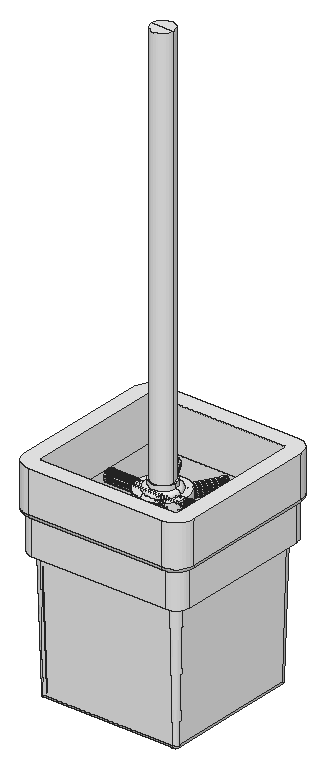
Revit family "rba-bim-rba1643-139", category Plumbing Fixtures, Revit 2016
Family settings
  Part Type = Normal
  Round Connector Dimension = Use Diameter
  Work Plane-Based = No
  Always vertical = Yes
  Cut with Voids When Loaded = No
  Shared = Yes
  Room Calculation Point = No
Parameters (values of type "RBA1643-139")
  Watermarked By = "www.rba.com.au"
  Waste Connection = yes
  Vent Connection = yes
  URL = ""
  Phone Number = "1300 788 778"
  Modified Issue = "20190225.01"
  Model = "RBA1643-139"
  Materials and Finishes = Chrome Plated Brass
  Manufacturer Model = ""
  Manufacturer = "RBA Group"  # constant formula
  HW Connection = yes
  Description = "äska Toilet Brush Holder"
  Copyright by = "RBA Group"  # constant formula
  CW Connection = yes
Reference planes
  plane 1 "Center (Front/Back)": y = 0
  plane 2: z = 0
  plane 3 "Center (Left/Right)": x = 0
Forms (mm)
  Sweep 1, solid, material "Chrome Plated Brass" <- "Materials and Finishes"
    path origin (0, 0, 0) x (1, 0, 0) y (0, 1, 0)
      loop
        arc (-37, -22.5) -> (-44.071, -25.429) -> (-47, -32.5) r 10
        line (-47, -32.5) -> (-47, -106.5)
        arc (-47, -106.5) -> (-44.071, -113.571) -> (-37, -116.5) r 10
        line (-37, -116.5) -> (37, -116.5)
        arc (37, -116.5) -> (44.071, -113.571) -> (47, -106.5) r 10
        line (47, -106.5) -> (47, -32.5)
        arc (47, -32.5) -> (44.071, -25.429) -> (37, -22.5) r 10
        line (37, -22.5) -> (-37, -22.5)
    profile origin (0, -22.5, 0) x (0, 1, 0) y (0, 0, 1)
      loop
        line (0, 95) -> (0, 118) -> (-9, 118) -> (-9, 93) -> (-2, 93)
        arc (-2, 93) -> (-0.586, 93.586) -> (0, 95) r 2
  Extrusion 2, solid, material "Chrome Plated Brass" <- "Materials and Finishes"
    sketch origin (0, 0, 0) x (1, 0, 0) y (0, 0, 1)
      loop
        arc (-18, 93) -> (-19.414, 92.414) -> (-20, 91) r 2
        line (-20, 91) -> (-20, 75)
        arc (-20, 75) -> (-19.414, 73.586) -> (-18, 73) r 2
        line (-18, 73) -> (18, 73)
        arc (18, 73) -> (19.414, 73.586) -> (20, 75) r 2
        line (20, 75) -> (20, 91)
        arc (20, 91) -> (19.414, 92.414) -> (18, 93) r 2
        line (18, 93) -> (-18, 93)
    from 0 to 25
  Extrusion 3, solid, material "Chrome Plated Brass" <- "Materials and Finishes"
    sketch origin (0, 0, 0) x (1, 0, 0) y (0, 1, 0)
      loop
        arc (-37.115, -25) -> (-42.304, -27.196) -> (-44.5, -32.385) r 7.5
        line (-44.5, -32.385) -> (-44.5, -106.615)
        arc (-44.5, -106.615) -> (-42.304, -111.804) -> (-37.115, -114) r 7.5
        line (-37.115, -114) -> (37.115, -114)
        arc (37.115, -114) -> (42.304, -111.804) -> (44.5, -106.615) r 7.5
        line (44.5, -106.615) -> (44.5, -32.385)
        arc (44.5, -32.385) -> (42.304, -27.196) -> (37.115, -25) r 7.5
        line (37.115, -25) -> (-37.115, -25)
    from 73 to 93
  Blend 4, solid, material "Chrome Plated Brass" <- "Materials and Finishes"
    base sketch origin (0, 64.601, -177) x (1, 0, 0) y (0, 1, 0)
      loop
        line (36, -96.101) -> (-36, -96.101)
        arc (-36, -96.101) -> (-37.414, -96.687) -> (-38, -98.101) r 2
        line (-38, -98.101) -> (-38, -170.101)
        arc (-38, -170.101) -> (-37.414, -171.515) -> (-36, -172.101) r 2
        line (-36, -172.101) -> (36, -172.101)
        arc (36, -172.101) -> (37.414, -171.515) -> (38, -170.101) r 2
        line (38, -170.101) -> (38, -98.101)
        arc (38, -98.101) -> (37.414, -96.687) -> (36, -96.101) r 2
    top sketch origin (0, 64.601, -177) x (1, 0, 0) y (0, 1, 0)
      loop
        line (36, -94.101) -> (-36, -94.101)
        arc (-36, -94.101) -> (-38.828, -95.272) -> (-40, -98.101) r 4
        line (-40, -98.101) -> (-40, -170.101)
        arc (-40, -170.101) -> (-38.828, -172.929) -> (-36, -174.101) r 4
        line (-36, -174.101) -> (36, -174.101)
        arc (36, -174.101) -> (38.828, -172.929) -> (40, -170.101) r 4
        line (40, -170.101) -> (40, -98.101)
        arc (40, -98.101) -> (38.828, -95.272) -> (36, -94.101) r 4
    from 177 to 250
  Sweep 5, void
    path origin (0, 0, 0) x (1, 0, 0) y (0, 1, 0)
      loop
        arc (-36, -31.5) -> (-37.414, -32.086) -> (-38, -33.5) r 2
        line (-38, -33.5) -> (-38, -105.5)
        arc (-38, -105.5) -> (-37.414, -106.914) -> (-36, -107.5) r 2
        line (-36, -107.5) -> (36, -107.5)
        arc (36, -107.5) -> (37.414, -106.914) -> (38, -105.5) r 2
        line (38, -105.5) -> (38, -33.5)
        arc (38, -33.5) -> (37.414, -32.086) -> (36, -31.5) r 2
        line (36, -31.5) -> (-36, -31.5)
    profile origin (0, -31.5, 0) x (0, 1, 0) y (0, 0, 1)
      loop
        arc (0.053, 1.945) -> (-0.551, 0.567) -> (-1.946, 0) r 2
        line (-1.946, 0) -> (2.053, 0) -> (2.053, 1.945) -> (0.053, 1.945)
  Blend 6, void
    base sketch origin (0, 64.601, -177) x (1, 0, 0) y (0, 1, 0)
      loop
        line (35, -98.101) -> (-35, -98.101)
        arc (-35, -98.101) -> (-35.707, -98.394) -> (-36, -99.101) r 1
        line (-36, -99.101) -> (-36, -169.101)
        arc (-36, -169.101) -> (-35.707, -169.808) -> (-35, -170.101) r 1
        line (-35, -170.101) -> (35, -170.101)
        arc (35, -170.101) -> (35.707, -169.808) -> (36, -169.101) r 1
        line (36, -169.101) -> (36, -99.101)
        arc (36, -99.101) -> (35.707, -98.394) -> (35, -98.101) r 1
    top sketch origin (0, 64.601, -177) x (1, 0, 0) y (0, 1, 0)
      loop
        line (37, -96.101) -> (-37, -96.101)
        arc (-37, -96.101) -> (-37.707, -96.394) -> (-38, -97.101) r 1
        line (-38, -97.101) -> (-38, -171.101)
        arc (-38, -171.101) -> (-37.707, -171.808) -> (-37, -172.101) r 1
        line (-37, -172.101) -> (37, -172.101)
        arc (37, -172.101) -> (37.707, -171.808) -> (38, -171.101) r 1
        line (38, -171.101) -> (38, -97.101)
        arc (38, -97.101) -> (37.707, -96.394) -> (37, -96.101) r 1
    from 179 to 270
  Revolve 7, solid, material "Chrome Plated Brass" <- "Materials and Finishes"
    sketch origin (0, -69.5, -5) x (1, 0, 0) y (0, 0, 1)
      loop
        line (-6, 335) -> (-6, 110.5) -> (-7, 110.5) -> (-7, 108)
        arc (-7, 108) -> (-8.768, 107.268) -> (-9.5, 105.5) r 2.5
        line (-9.5, 105.5) -> (-13.5, 105.5) -> (-13.5, 98) -> (0, 98) -> (0, 335) -> (-6, 335)
      axis (0, 98) -> (0, 335)
    angle from 0 to 360
  Extrusion 8, solid, material "Chrome Plated Brass" <- "Materials and Finishes"
    sketch origin (0, -69.5, -5) x (0.866025, 0.5, 0) y (0, 0, 1)
      loop
        circle (1, 101.75) r 0.4
      loop
        circle (-1, 101.75) r 0.4
      loop
        circle (0, 102.75) r 0.4
      loop
        circle (0, 100.75) r 0.4
      loop
        circle (0, 103.75) r 0.4
      loop
        circle (2, 101.75) r 0.4
      loop
        circle (-2, 101.75) r 0.4
      loop
        circle (0, 99.75) r 0.4
      loop
        circle (0, 101.75) r 0.4
      loop
        circle (1.414, 103.164) r 0.4
      loop
        circle (-1.414, 103.164) r 0.4
      loop
        circle (1.414, 100.336) r 0.4
      loop
        circle (-1.414, 100.336) r 0.4
      loop
        circle (0, 104.75) r 0.4
      loop
        circle (2.121, 103.871) r 0.4
      loop
        circle (3, 101.75) r 0.4
      loop
        circle (2.121, 99.629) r 0.4
      loop
        circle (0, 98.75) r 0.4
      loop
        circle (-2.121, 99.629) r 0.4
      loop
        circle (-3, 101.75) r 0.4
      loop
        circle (-2.121, 103.871) r 0.4
      loop
        circle (1.148, 98.978) r 0.4
      loop
        circle (-1.148, 98.978) r 0.4
      loop
        circle (1.148, 104.522) r 0.4
      loop
        circle (-1.148, 104.522) r 0.4
      loop
        circle (-2.772, 102.898) r 0.4
      loop
        circle (-2.772, 100.602) r 0.4
      loop
        circle (2.772, 102.898) r 0.4
      loop
        circle (2.772, 100.602) r 0.4
    from -30 to 30
  Extrusion 9, solid, material "Chrome Plated Brass" <- "Materials and Finishes"
    sketch origin (0, -69.5, -5) x (0, 1, 0) y (0, 0, 1)
      loop
        circle (1, 101.75) r 0.4
      loop
        circle (-1, 101.75) r 0.4
      loop
        circle (0, 102.75) r 0.4
      loop
        circle (0, 100.75) r 0.4
      loop
        circle (0, 103.75) r 0.4
      loop
        circle (2, 101.75) r 0.4
      loop
        circle (-2, 101.75) r 0.4
      loop
        circle (0, 99.75) r 0.4
      loop
        circle (0, 101.75) r 0.4
      loop
        circle (1.414, 103.164) r 0.4
      loop
        circle (-1.414, 103.164) r 0.4
      loop
        circle (1.414, 100.336) r 0.4
      loop
        circle (-1.414, 100.336) r 0.4
      loop
        circle (0, 104.75) r 0.4
      loop
        circle (2.121, 103.871) r 0.4
      loop
        circle (3, 101.75) r 0.4
      loop
        circle (2.121, 99.629) r 0.4
      loop
        circle (0, 98.75) r 0.4
      loop
        circle (-2.121, 99.629) r 0.4
      loop
        circle (-3, 101.75) r 0.4
      loop
        circle (-2.121, 103.871) r 0.4
      loop
        circle (1.148, 98.978) r 0.4
      loop
        circle (-1.148, 98.978) r 0.4
      loop
        circle (1.148, 104.522) r 0.4
      loop
        circle (-1.148, 104.522) r 0.4
      loop
        circle (-2.772, 102.898) r 0.4
      loop
        circle (-2.772, 100.602) r 0.4
      loop
        circle (2.772, 102.898) r 0.4
      loop
        circle (2.772, 100.602) r 0.4
    from -30 to 30
  Extrusion 10, solid, material "Chrome Plated Brass" <- "Materials and Finishes"
    sketch origin (0, -69.5, -5) x (-0.866025, 0.5, 0) y (0, 0, 1)
      loop
        circle (1, 101.75) r 0.4
      loop
        circle (-1, 101.75) r 0.4
      loop
        circle (0, 102.75) r 0.4
      loop
        circle (0, 100.75) r 0.4
      loop
        circle (0, 103.75) r 0.4
      loop
        circle (2, 101.75) r 0.4
      loop
        circle (-2, 101.75) r 0.4
      loop
        circle (0, 99.75) r 0.4
      loop
        circle (0, 101.75) r 0.4
      loop
        circle (1.414, 103.164) r 0.4
      loop
        circle (-1.414, 103.164) r 0.4
      loop
        circle (1.414, 100.336) r 0.4
      loop
        circle (-1.414, 100.336) r 0.4
      loop
        circle (0, 104.75) r 0.4
      loop
        circle (2.121, 103.871) r 0.4
      loop
        circle (3, 101.75) r 0.4
      loop
        circle (2.121, 99.629) r 0.4
      loop
        circle (0, 98.75) r 0.4
      loop
        circle (-2.121, 99.629) r 0.4
      loop
        circle (-3, 101.75) r 0.4
      loop
        circle (-2.121, 103.871) r 0.4
      loop
        circle (1.148, 98.978) r 0.4
      loop
        circle (-1.148, 98.978) r 0.4
      loop
        circle (1.148, 104.522) r 0.4
      loop
        circle (-1.148, 104.522) r 0.4
      loop
        circle (-2.772, 102.898) r 0.4
      loop
        circle (-2.772, 100.602) r 0.4
      loop
        circle (2.772, 102.898) r 0.4
      loop
        circle (2.772, 100.602) r 0.4
    from -30 to 30
Cuts and joins
  Sweep 5, Blend 6 cuts Blend 4
  Blend 6 cuts Extrusion 3
  joined: Extrusion 2, Extrusion 3
Lines and regions (mm)
  model lines
    curve 1: circle (0, -69.5, 96.75) r 3.75 normal (0, -1, 0)
Dimensions and locks
  aligned and locked: plane 2 to level
